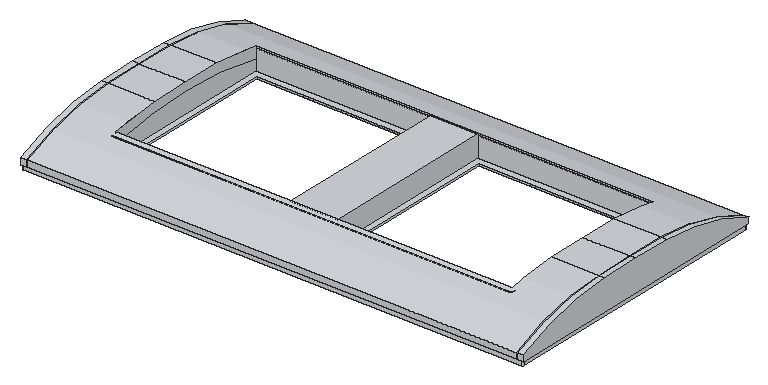
Revit family "Gira_0212327", category Electrical Fixtures, host Face, Revit 2017
Family settings
  Host = Face
  Maintain Annotation Orientation = No
  Round Connector Dimension = Use Diameter
  Part Type = Normal
  Cut with Voids When Loaded = No
  Shared = No
  Room Calculation Point = No
Parameters (values of type "Cov.fr. 2-g interm.fr. PW Gira Event p.white m")
  With mounting grid = "No"
  With hinged lid = "No"
  URL = "http://katalog.gira.de/en/datenblatt.html?artikelnr=0212327"
  Type of fastening = "Clamp mounting"
  Transparent = "No"
  Surface protection = "Other"
  Suitable for wall duct = "No"
  Suitable for flush-mounted installation = "Yes"
  Suitable for floor box = "No"
  Suitable for built-in installation = "No"
  RAL-number (akin) = "9010"
  Number of units vertical = "2"
  Number of units horizontal = "2"
  Number of units = "2"
  Name = "Cov.fr. 2-g interm.fr. PW Gira Event p.white m"
  Mounting direction = "Horizontal and vertical"
  Material quality = "Thermoplastic"
  Material = "Plastic"
  Manufacturer URL = "https://www.gira.de/"
  Manufacturer = "Gira"
  Label space/information surface = "No"
  Keynote = ""
  HeinzeBIM = "https://bimportal.heinze.de/bim/cov-fr-2-g-interm-fr-pw-gira-event-p-white-m/fdde9cccc29f9a91ee13d2a853de6ad1b7072994"
  Halogen free = "Yes"
  HAN = "0212327"
  GTIN = "4010337074175"
  Description = "Cov.fr.2g i.fr.PW Event PWm,Gira Event frames,pure white matt with pure white glossy intermediate frame,2-gang,Features:,- Shatter-proof."
  Degree of protection (IP) = "IP20"
  Default Elevation = 1219.2 mm
  Data sheet (1) = "https://katalog.gira.de/en/download.html?artikelnr=0212327"
  Colour = "White"
  Category = "Cover frame for domestic switching devices"
  BIM (1) = "https://media.stage.bim.site/public/gira/36a6b08/Event_Rahmen_2fach.rfa"
  Available = "No"
Reference planes
  plane 1 "Center (Front/Back)": y = 0
  plane 2: z = 0
  plane 3 "Center (Left/Right)": x = 0
Forms (mm)
  Extrusion 1, solid, detail levels fine
    sketch origin (0, 0, 0.05) x (0, 1, 0) y (0, 0, 1)
      loop
        arc (12.445, 9.683) -> (6.223, 9.833) -> (0, 9.85) r 291.636
        arc (0, 9.85) -> (-6.223, 9.833) -> (-12.445, 9.683) r 291.636
        arc (-12.445, 9.683) -> (-29.14, 7.482) -> (-45, 1.823) r 79.728
        line (-45, 1.823) -> (-45, -0.05) -> (-42.086, -0.05)
        arc (-42.086, -0.05) -> (-21.385, 5.559) -> (0, 7.206) r 114.424
        arc (0, 7.206) -> (21.385, 5.559) -> (42.086, -0.05) r 114.424
        line (42.086, -0.05) -> (45, -0.05) -> (45, 1.823)
        arc (45, 1.823) -> (29.14, 7.482) -> (12.445, 9.683) r 79.728
    from -78.55 to 78.55
  Extrusion 2, void, detail levels fine
    sketch origin (0, 0, 0) x (1, 0, 0) y (0, 1, 0)
      loop
        line (-63.55, -27.937) -> (63.55, -27.937) -> (63.55, 28.063) -> (-63.55, 28.063) -> (-63.55, -27.937)
    from 0.724 to 11
  Extrusion 3, solid, detail levels coarse
    sketch origin (0, 0, 0) x (1, 0, 0) y (0, 1, 0)
      loop
        line (-80.55, 45) -> (-80.55, -45) -> (80.55, -45) -> (80.55, 45) -> (-80.55, 45)
    from -1.5 to 9.9
  Extrusion 4, solid, detail levels medium
    sketch origin (0, 0, 0.05) x (0, 1, 0) y (0, 0, 1)
      loop
        arc (12.445, 9.683) -> (6.223, 9.833) -> (0, 9.85) r 291.636
        arc (0, 9.85) -> (-6.223, 9.833) -> (-12.445, 9.683) r 291.636
        arc (-12.445, 9.683) -> (-29.14, 7.482) -> (-45, 1.823) r 79.728
        line (-45, 1.823) -> (-45, -0.05) -> (45, -0.05) -> (45, 1.823)
        arc (45, 1.823) -> (29.14, 7.482) -> (12.445, 9.683) r 79.728
    from -80.55 to 80.55
  Extrusion 5, solid, detail levels fine
    sketch origin (-35.55, 0, -1.5) x (0, 1, 0) y (0, 0, -1)
      loop
        line (45, -3.373) -> (45, -1.5) -> (-45, -1.5) -> (-45, -3.373)
        arc (-45, -3.373) -> (-29.14, -9.032) -> (-12.445, -11.233) r 79.728
        arc (-12.445, -11.233) -> (-6.223, -11.383) -> (0, -11.4) r 291.636
        arc (0, -11.4) -> (6.223, -11.383) -> (12.445, -11.233) r 291.636
        arc (12.445, -11.233) -> (29.14, -9.032) -> (45, -3.373) r 79.728
    from 43 to 45
  Extrusion 6, solid, detail levels fine
    sketch origin (0, 0, 0) x (1, 0, 0) y (0, 1, 0)
      loop
        line (-61.45, 25.7) -> (-61.45, -25.7) -> (-9.65, -25.7) -> (-9.65, 25.7) -> (-61.45, 25.7)
      loop
        line (61.45, -25.7) -> (61.45, 25.7) -> (9.65, 25.7) -> (9.65, -25.7) -> (61.45, -25.7)
      loop
        line (-64.445, 28.49) -> (-64.445, -28.495)
        spline (-64.445, -28.495) -> (-64.436, -28.625) -> (-64.411, -28.754) -> (-64.369, -28.878) -> (-64.311, -28.995) -> (-64.238, -29.104) -> (-64.152, -29.202) -> (-64.054, -29.288) -> (-63.945, -29.361) -> (-63.828, -29.419) -> (-63.704, -29.461) -> (-63.575, -29.486) -> (-63.445, -29.495)
        line (-63.445, -29.495) -> (63.445, -29.495)
        spline (63.445, -29.495) -> (63.575, -29.486) -> (63.704, -29.461) -> (63.828, -29.419) -> (63.945, -29.361) -> (64.054, -29.288) -> (64.152, -29.202) -> (64.238, -29.104) -> (64.311, -28.995) -> (64.369, -28.878) -> (64.411, -28.754) -> (64.436, -28.625) -> (64.445, -28.495)
        line (64.445, -28.495) -> (64.445, 28.49)
        spline (64.445, 28.49) -> (64.436, 28.62) -> (64.411, 28.748) -> (64.369, 28.872) -> (64.311, 28.99) -> (64.238, 29.098) -> (64.152, 29.197) -> (64.054, 29.283) -> (63.945, 29.356) -> (63.828, 29.413) -> (63.704, 29.456) -> (63.575, 29.481) -> (63.445, 29.49)
        line (63.445, 29.49) -> (-63.445, 29.49)
        spline (-63.445, 29.49) -> (-63.575, 29.481) -> (-63.704, 29.456) -> (-63.828, 29.413) -> (-63.945, 29.356) -> (-64.054, 29.283) -> (-64.152, 29.197) -> (-64.238, 29.098) -> (-64.311, 28.99) -> (-64.369, 28.872) -> (-64.411, 28.748) -> (-64.436, 28.62) -> (-64.445, 28.49)
    from 0.1 to 7.3
  Extrusion 7, solid
    sketch origin (0, 0, 0) x (1, 0, 0) y (0, 1, 0)
      loop
        arc (-80.25, -44.2) -> (-80.104, -44.554) -> (-79.75, -44.7) r 0.5
        line (-79.75, -44.7) -> (79.75, -44.7)
        arc (79.75, -44.7) -> (80.104, -44.554) -> (80.25, -44.2) r 0.5
        line (80.25, -44.2) -> (80.25, 44.2)
        arc (80.25, 44.2) -> (80.104, 44.554) -> (79.75, 44.7) r 0.5
        line (79.75, 44.7) -> (-79.75, 44.7)
        arc (-79.75, 44.7) -> (-80.104, 44.554) -> (-80.25, 44.2) r 0.5
        line (-80.25, 44.2) -> (-80.25, -44.2)
      loop
        line (-78.55, 43) -> (-78.55, -43) -> (78.55, -43) -> (78.55, 43) -> (-78.55, 43)
    from -1.5 to 0.5
  Extrusion 8, solid, detail levels fine
    sketch origin (35.55, 0, -1.5) x (0, 1, 0) y (0, 0, 1)
      loop
        arc (45, 3.373) -> (29.14, 9.032) -> (12.445, 11.233) r 79.728
        arc (12.445, 11.233) -> (6.223, 11.383) -> (0, 11.4) r 291.636
        arc (0, 11.4) -> (-6.223, 11.383) -> (-12.445, 11.233) r 291.636
        arc (-12.445, 11.233) -> (-29.14, 9.032) -> (-45, 3.373) r 79.728
        line (-45, 3.373) -> (-45, 1.5) -> (45, 1.5) -> (45, 3.373)
    from 43 to 45
  Extrusion 9, solid, detail levels medium
    sketch origin (0, 0, 0) x (1, 0, 0) y (0, 1, 0)
      loop
        line (-80.25, -44.7) -> (80.25, -44.7) -> (80.25, 44.7) -> (-80.25, 44.7) -> (-80.25, -44.7)
    from -1.5 to 0.5
  Extrusion 10, solid, detail levels fine
    sketch origin (0, 0, 0) x (1, 0, 0) y (0, 1, 0)
      loop
        line (-7.55, 28.063) -> (-7.55, -27.937) -> (7.55, -27.937) -> (7.55, 28.063) -> (-7.55, 28.063)
    from 0.724 to 7.566
Cuts and joins
  Extrusion 2 cuts Extrusion 1
  Extrusion 2 cuts Extrusion 6
Dimensions and locks
  aligned and locked: plane 2 to host face
  aligned and locked: level to host face
